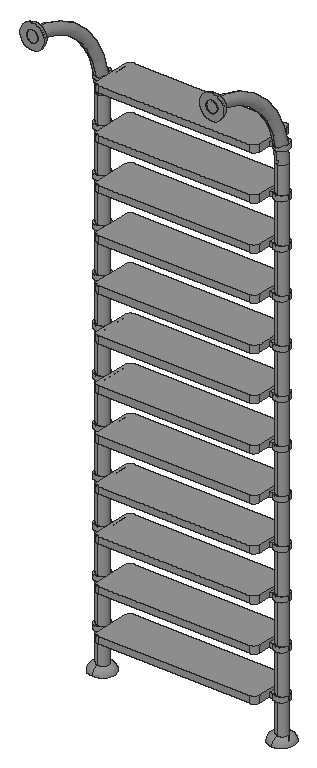
Revit family "MF_scala verticale", category Modelli generici, host Muro, Revit 2013
Parameters (values of type "Scala verticale - larghezza 80cm")
  Raggio montante = 2.5 cm
  Numero  Alzate [instance] = (Altezza scala - Distanza montanti) / Alzata  # 12
  Materiale = Zinco
  Larghezza Scala = 80 cm
  Distanza montanti [instance] = 39 cm
  Alzata [instance] = 20 cm
  Altezza scala [instance] = 270 cm
Types (3, lengths in cm): name | Numero  Alzate | Materiale | Larghezza Scala | Distanza montanti | Alzata
  Scala verticale - larghezza 60cm | 7 | none | 60 | 50 | 30
  Scala verticale - larghezza 70cm | 7 | none | 70 | 50 | 30
  Scala verticale - larghezza 80cm | 12 | Zinco | 80 | 39 | 20
Reference planes (cm)
  plane 1 "Muro": y = 0
  plane 2 "Centro (Sinistra/Destra)": x = 12.5
  plane 3 "Indietro": y = 7.5
  plane 4: x = -27.5
  plane 5: x = 52.5
  plane 6: y = 46.5
  plane 7: z = 270
  plane 8: z = 231
  plane 9: z = 20
  plane 10: z = 40
Forms (cm)
  Sweep 1, solid, material "Zinco" <- "Materiale"
    path origin (52.5, 78.5138, 120) x (0, 1, 0) y (0, 0, 1)
      loop
        line (-32.0138, -120) -> (-32.0138, 111)
        arc (-32.0138, 111) -> (-43.4366, 138.5772) -> (-71.0138, 150) r 39
    profile origin (52.5, 46.5, 115.5) x (0, -1, 0) y (1, 0, 0)
      loop
        circle (0, 0) r 2.5
  Sweep 2, solid, material "Zinco" <- "Materiale"
    path origin (-27.5, 78.5138, 120) x (0, 1, 0) y (0, 0, 1)
      loop
        line (-32.0138, -120) -> (-32.0138, 111)
        arc (-32.0138, 111) -> (-43.4366, 138.5772) -> (-71.0138, 150) r 39
    profile origin (-27.5, 46.5, 115.5) x (0, -1, 0) y (1, 0, 0)
      loop
        circle (0, 0) r 2.5
  Sweep 3, solid, material "Zinco" <- "Materiale"
    path in 3D
      loop
        arc (52.5, 49, 0) -> (50, 46.5, 0) -> (52.5, 44, 0) r 2.5
        arc (52.5, 44, 0) -> (55, 46.5, 0) -> (52.5, 49, 0) r 2.5
    profile origin (55, 46.5, 0) x (1, 0, 0) y (0, 0, -1)
      loop
        line (0, 0) -> (0, -3)
        arc (0, -3) -> (2.1213, -2.1213) -> (3, 0) r 3
        line (3, 0) -> (0, 0)
  Sweep 4, solid, material "Zinco" <- "Materiale"
    path in 3D
      loop
        arc (-27.5, 49, 0) -> (-30, 46.5, 0) -> (-27.5, 44, 0) r 2.5
        arc (-27.5, 44, 0) -> (-25, 46.5, 0) -> (-27.5, 49, 0) r 2.5
    profile origin (-25, 46.5, 0) x (1, 0, 0) y (0, 0, -1)
      loop
        line (0, 0) -> (0, -3)
        arc (0, -3) -> (2.1213, -2.1213) -> (3, 0) r 3
        line (3, 0) -> (0, 0)
  Sweep 5, solid, material "Zinco" <- "Materiale"
    path in 3D
      loop
        arc (52.5, 7.5, 272.5) -> (55, 7.5, 270) -> (52.5, 7.5, 267.5) r 2.5
        arc (52.5, 7.5, 267.5) -> (50, 7.5, 270) -> (52.5, 7.5, 272.5) r 2.5
    profile origin (50, 7.5, 270) x (-1, 0, 0) y (0, -1, 0)
      loop
        line (0, 0) -> (0, -3)
        arc (0, -3) -> (2.1213, -2.1213) -> (3, 0) r 3
        line (3, 0) -> (0, 0)
  Sweep 6, solid, material "Zinco" <- "Materiale"
    path in 3D
      loop
        arc (-27.5, 7.5, 267.5) -> (-30, 7.5, 270) -> (-27.5, 7.5, 272.5) r 2.5
        arc (-27.5, 7.5, 272.5) -> (-25, 7.5, 270) -> (-27.5, 7.5, 267.5) r 2.5
    profile origin (-25, 7.5, 270) x (0, -1, 0) y (1, 0, 0)
      loop
        line (0, 0) -> (0, 3)
        arc (0, 3) -> (-2.1213, 2.1213) -> (-3, 0) r 3
        line (-3, 0) -> (0, 0)
Lines and regions (cm)
  model lines
    curve 1: line (-27.5, 46.5, 0) -> (-27.5, 46.5, 231)
  sketch lines
    curve 2: arc (52.5, 44, 0) -> (55, 46.5, 0) -> (52.5, 49, 0) r 2.5
    curve 3: arc (52.5, 49, 0) -> (50, 46.5, 0) -> (52.5, 44, 0) r 2.5
    curve 4: arc (-27.5, 44, 0) -> (-25, 46.5, 0) -> (-27.5, 49, 0) r 2.5
    curve 5: arc (-27.5, 49, 0) -> (-30, 46.5, 0) -> (-27.5, 44, 0) r 2.5
    curve 6: arc (52.5, 7.5, 267.5) -> (50, 7.5, 270) -> (52.5, 7.5, 272.5) r 2.5
    curve 7: arc (52.5, 7.5, 272.5) -> (55, 7.5, 270) -> (52.5, 7.5, 267.5) r 2.5
    curve 8: arc (-27.5, 7.5, 272.5) -> (-25, 7.5, 270) -> (-27.5, 7.5, 267.5) r 2.5
    curve 9: arc (-27.5, 7.5, 267.5) -> (-30, 7.5, 270) -> (-27.5, 7.5, 272.5) r 2.5
Text (cm)
  text "Lato posizione" at (-184.8837, 111.6779, 0), in view "Livello rif."
  text "Lato posizionamento" at (0, 140.9804, 285.4306), in view "Sinistra"
  text "Lato posizionamento" at (0, 49.9811, 298.0732), in view "Destra"
Dimensions and locks (cm)
  locked: plane 3 "Indietro" to host wall
  "Larghezza Scala": plane 4 to plane 5
  equal spacing: plane 4, plane 2 "Centro (Sinistra/Destra)", plane 5
  host wall to host wall = 400 cm
  "Distanza montanti": plane 6 to host wall
  "Altezza scala": plane 7 to level
  "Distanza montanti": plane 7 to plane 8
  "Alzata": plane 9 to level
  equal spacing: plane 10, plane 9, level
  equal spacing: group 1, group 2, group 3, group 4, group 5, group 6, group 7, group 8, group 9, group 10, group 11, group 12  (x3)
  "Raggio montante": radius of Sweep 1 sketch curve
  "Raggio montante": radius of Sweep 2 sketch curve
  aligned and locked: nested 1 to plane 6
  aligned and locked: plane 2 "Centro (Sinistra/Destra)" to nested 1
  aligned and locked: plane 9 to nested 1
  aligned and locked: plane 10 to nested 2
  aligned and locked: nested 2 to plane 6
Automatic sketch dimensions
  Sweep 1 sketch curve to plane 6 = 0 cm
  Sweep 1 sketch curve to plane 8 = 0 cm
  Sweep 1 sketch curve to plane 3 "Indietro" = 0 cm
  Sweep 1 sketch curve to level = 0 cm
  curve 1 to plane 6 = 0 cm
  curve 1 to level = 0 cm
  curve 1 to plane 8 = 0 cm
  Sweep 2 sketch curve to plane 3 "Indietro" = 0 cm
  Sweep 2 sketch curve to plane 6 = 0 cm
  Sweep 2 sketch curve to level = 0 cm
  Sweep 2 sketch curve to plane 8 = 0 cm
  Sweep 3 sketch curve to profile plane = 3 cm
  profile plane to Sweep 3 sketch curve = 0 cm
  Sweep 3 sketch curve to profile plane = 0 cm
  profile plane to Sweep 4 sketch curve = 0 cm
  Sweep 4 sketch curve to profile plane = 0 cm
  Sweep 4 sketch curve to Sweep 4 sketch curve = 3 cm
  profile plane to Sweep 5 sketch curve = 0 cm
  Sweep 5 sketch curve to profile plane = 0 cm
  Sweep 5 sketch curve to Sweep 5 sketch curve = 3 cm
  profile plane to Sweep 6 sketch curve = 0 cm
  Sweep 6 sketch curve to profile plane = 0 cm
  Sweep 6 sketch curve to profile plane = 3 cm
  Sweep 1 sketch curve to plane 5 = 0 cm
  Sweep 1 sketch curve to profile plane = 0 cm
  Sweep 2 sketch curve to plane 4 = 0 cm
  Sweep 2 sketch curve to profile plane = 0 cm
Nested families (cm)
  nested 1: "MF_gradino" at (12.5, 46.5, 17), type "MF_gradino"
    with Larghezza Scala 80 cm
  nested 2: "MF_gradino" at (12.5, 46.5, 37), type "MF_gradino"
    with Larghezza Scala 80 cm
  nested 3: "MF_gradino" at (12.5, 46.5, 57), type "MF_gradino"
    with Larghezza Scala 80 cm
  nested 4: "MF_gradino" at (12.5, 46.5, 77), type "MF_gradino"
    with Larghezza Scala 80 cm
  nested 5: "MF_gradino" at (12.5, 46.5, 97), type "MF_gradino"
    with Larghezza Scala 80 cm
  nested 6: "MF_gradino" at (12.5, 46.5, 117), type "MF_gradino"
    with Larghezza Scala 80 cm
  nested 7: "MF_gradino" at (12.5, 46.5, 137), type "MF_gradino"
    with Larghezza Scala 80 cm
  nested 8: "MF_gradino" at (12.5, 46.5, 157), type "MF_gradino"
    with Larghezza Scala 80 cm
  nested 9: "MF_gradino" at (12.5, 46.5, 177), type "MF_gradino"
    with Larghezza Scala 80 cm
  nested 10: "MF_gradino" at (12.5, 46.5, 197), type "MF_gradino"
    with Larghezza Scala 80 cm
  nested 11: "MF_gradino" at (12.5, 46.5, 217), type "MF_gradino"
    with Larghezza Scala 80 cm
  nested 12: "MF_gradino" at (12.5, 46.5, 237), type "MF_gradino"
    with Larghezza Scala 80 cm
Definition of nested family "MF_gradino"
  Parameters (values of type "MF_gradino")
    Profondità Pedata = 20 cm
    Materiale Gradino = Zinco
    Larghezza Scala = 65 cm
  Reference planes (cm)
    plane 1 "Centro (Fronte/Retro)": y = 0
    plane 2: z = 0
    plane 3 "Centro (Sinistra/Destra)": x = 0
    plane 4: x = -32.5
    plane 5: x = 32.5
    plane 6: x = -28.5
    plane 7: x = 28.5
    plane 8: y = 10
    plane 9: y = -10
  Forms (cm)
    Extrusion 1, solid, material "Zinco" <- "Materiale Gradino"
      sketch origin (0, -10.3077, 0) x (1, 0, 0) y (0, 1, 0)
        loop
          arc (-30.1923, 12.6153) -> (-35.7635, 10.3077) -> (-30.1923, 8) r 3.2635
          line (-30.1923, 8) -> (-28.5, 8) -> (-28.5, 12.6153) -> (-30.1923, 12.6153)
        loop
          circle (-32.5, 10.3077) r 2.5
      from 0 to 2
    Extrusion 2, solid, material "Zinco" <- "Materiale Gradino"
      sketch origin (0, -10.3077, 0) x (-1, 0, 0) y (0, -1, 0)
        loop
          line (-30.1923, -12.6153) -> (-28.5, -12.6153) -> (-28.5, -8) -> (-30.1923, -8)
          arc (-30.1923, -8) -> (-35.7635, -10.3077) -> (-30.1923, -12.6153) r 3.2635
        loop
          circle (-32.5, -10.3077) r 2.5
      from 0 to 2
    Extrusion 3, solid, material "Zinco" <- "Materiale Gradino"
      sketch origin (0, 0, 0) x (1, 0, 0) y (0, 1, 0)
        loop
          arc (-26, 10) -> (-27.7678, 9.2678) -> (-28.5, 7.5) r 2.5
          line (-28.5, 7.5) -> (-28.5, -7.5)
          arc (-28.5, -7.5) -> (-27.7678, -9.2678) -> (-26, -10) r 2.5
          line (-26, -10) -> (26, -10)
          arc (26, -10) -> (27.7678, -9.2678) -> (28.5, -7.5) r 2.5
          line (28.5, -7.5) -> (28.5, 7.5)
          arc (28.5, 7.5) -> (27.7678, 9.2678) -> (26, 10) r 2.5
          line (26, 10) -> (-26, 10)
      from 0 to 3
    Extrusion 4, void
      sketch origin (0, 0, 0) x (1, 0, 0) y (0, 1, 0)
        loop
          arc (27.5, 6.5) -> (26.7678, 8.2678) -> (25, 9) r 2.5
          line (25, 9) -> (-25, 9)
          arc (-25, 9) -> (-26.7678, 8.2678) -> (-27.5, 6.5) r 2.5
          line (-27.5, 6.5) -> (-27.5, -6.5)
          arc (-27.5, -6.5) -> (-26.7678, -8.2678) -> (-25, -9) r 2.5
          line (-25, -9) -> (25, -9)
          arc (25, -9) -> (26.7678, -8.2678) -> (27.5, -6.5) r 2.5
          line (27.5, -6.5) -> (27.5, 6.5)
      from 0 to 2.5
  Cuts and joins
    Extrusion 4 cuts Extrusion 3
  Dimensions and locks (cm)
    equal spacing: plane 4, plane 3 "Centro (Sinistra/Destra)", plane 5
    "Larghezza Scala": plane 4 to plane 5
    plane 4 to plane 6 = 4 cm
    plane 7 to plane 5 = 4 cm
    equal spacing: plane 8, plane 1 "Centro (Fronte/Retro)", plane 9
    "Profondità Pedata": plane 8 to plane 9
    aligned and locked: level to plane 2
    aligned and locked: plane 6 to Extrusion 1
    aligned and locked: Extrusion 2 to plane 7
    aligned and locked: Extrusion 3 sketch curve to plane 8
    aligned and locked: Extrusion 3 sketch curve to plane 7
    aligned and locked: Extrusion 3 sketch curve to plane 9
    aligned and locked: Extrusion 3 sketch curve to plane 6
  Automatic sketch dimensions
    plane 6 to Extrusion 3 sketch curve = 2.5 cm  (x2)
    Extrusion 3 sketch curve to plane 7 = 2.5 cm
    Extrusion 3 sketch curve to Extrusion 3 sketch curve = 2.5 cm
    plane 6 to Extrusion 4 sketch curve = 1 cm
    plane 9 to Extrusion 4 sketch curve = 1 cm
    Extrusion 4 sketch curve to plane 8 = 1 cm
    plane 6 to Extrusion 4 sketch curve = 3.5 cm  (x2)
    Extrusion 4 sketch curve to plane 7 = 3.5 cm  (x2)
    Extrusion 4 sketch curve to plane 7 = 1 cm
    Extrusion 1 sketch curve to Extrusion 1 sketch curve = 0 cm  (x2)
    Extrusion 1 sketch curve to plane 6 = 0 cm
    plane 1 "Centro (Fronte/Retro)" to Extrusion 1 sketch curve = 2.3077 cm
    plane 1 "Centro (Fronte/Retro)" to Extrusion 1 sketch curve = 0 cm
    Extrusion 1 sketch curve to plane 4 = 0 cm
    Extrusion 1 sketch curve to plane 6 = 1.6923 cm  (x2)
    Extrusion 2 sketch curve to Extrusion 2 sketch curve = 0 cm  (x2)
    Extrusion 2 sketch curve to plane 7 = 0 cm
    Extrusion 2 sketch curve to plane 1 "Centro (Fronte/Retro)" = 2.3077 cm
    plane 1 "Centro (Fronte/Retro)" to Extrusion 2 sketch curve = 0 cm
    Extrusion 2 sketch curve to plane 5 = 0 cm
    Extrusion 2 sketch curve to Extrusion 2 sketch curve = 1.6923 cm  (x2)
    radius of Extrusion 1 sketch curve = 2.5 cm
    radius of Extrusion 2 sketch curve = 2.5 cm
